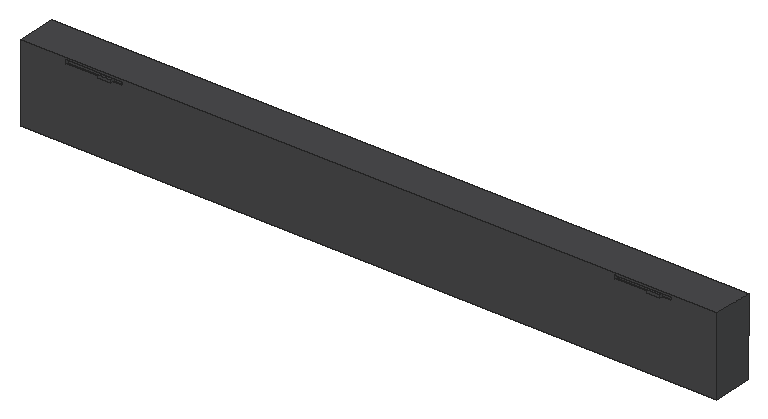
Revit family "DOT BLOCK CEILLING 646_DTSM30W6.1", category Luminarias, Revit 2019
Family settings
  Cota de conector redondo = Diámetro de uso
  Tipo de pieza = Normal
  Se basa en plano de trabajo = Sí
  Siempre vertical = Sí
  Corte con vacíos al cargar = No
  Origen de luz = Sí
  Compartido = No
  Punto de cálculo de habitación = No
Parameters (values of type "DOT BLOCK CEILLING 646_DTSM30W6.1.1535")
  Ángulo de inclinación = 60.00°
  Zone [instance] = ""
  Watt per fixture = 30
  Wattage = 30 W
  built-in parameter 1150107 = 3000 (stored number, unit not read)
  built-in parameter 1150110 = 1 (stored number, unit not read)
  built-in parameter 1150109 = 1 (stored number, unit not read)
  built-in parameter 1150112 = 1 (stored number, unit not read)
  built-in parameter 1150113 = 1 (stored number, unit not read)
  built-in parameter 1114218 = 1 (stored number, unit not read)
  Keynote = ""
  built-in parameter 1150137 = (empty or 0)
  built-in parameter 1150132 = (empty or 0)
  Modelo = "DTSM30W6.1.1535"
  Lámpara = "3030SMD PHILIPS"
  built-in parameter 1150105 = 202.92 (stored number, unit not read)
  built-in parameter 1150102 = (empty or 0)
  built-in parameter 1150106 = 2.0292 (stored number, unit not read)
  Lumens = 2550 lm
  Color Filter = 16777215
  built-in parameter 1114217 = 1 (stored number, unit not read)
  built-in parameter 1150139 = (empty or 0)
  Fabricante = "BRILLANT"
  Default Elevation = 1219.2 mm
  built-in parameter 1150104 = 7.8968 (stored number, unit not read)
  Descripción = "LUMINARIA DOWNLIGHT EN FORMATO RECTANGULAR PARA SOBREPONER DIRECTO EN TECHO, CUERPO DE ALUMINIO ACABADO EN COLOR NEGRO, IP 20, PESO 1.40Kg, TIPO DE LED 3030SMD PHILIPS CON 30W TOTAL, 1400 LUMENES, 85LM/W, IRC 90, TEMPERATURA EN BLANCO CALIDO 3000K, 50 MIL HORAS DE VIDA PROMEDIO, APERTURA ELIPTICA DE 15X35 GRADOS POR PROYECTO, ALIMENTADO A 90-240V"
  built-in parameter 1150115 = 1 (stored number, unit not read)
  built-in parameter 1150114 = 1 (stored number, unit not read)
  Comentarios de vataje = "90-240V"
  built-in parameter 1150138 = (empty or 0)
  built-in parameter 1150134 = (empty or 0)
  Circuit [instance] = ""
  Dimming Lamp Color Temperature Shift = (empty or 0)
  Archivo de red fotométrica = "L646A-30W-830-B-15X35_IESNA95.IES"
  built-in parameter 1150133 = 10 (stored number, unit not read)
Reference planes
  plane 1 "Centro (Frontal/Posterior)": y = 0
  plane 2: z = 0
  plane 3 "Centro (Izquierda/Derecha)": x = 0
Forms (mm)
  Extrusion 1, solid, material "Default Form", not visible
    sketch origin (0, 0, 0) x (1, 0, 0) y (0, 0, 1)
      loop
        line (-473, 0) -> (-473, -72) -> (473, -72) -> (473, 0) -> (-473, 0)
    from -18.326 to 18.326
  Blend 2, void, not visible
    base sketch origin (-293.63, 0, 0) x (1, 0, 0) y (0, 1, 0)
      loop
        line (-162, 16.149) -> (-162, -16.149) -> (-144.14, -16.149) -> (-144.14, 16.149) -> (-162, 16.149)
    top sketch origin (-293.63, 0, 0) x (1, 0, 0) y (0, 1, 0)
      loop
        line (-160, 12.149) -> (-160, -12.149) -> (-146.14, -12.149) -> (-146.14, 12.149) -> (-160, 12.149)
    from -72 to -61.591
  Blend 3, void, not visible
    base sketch origin (-267.33, 0, 0) x (1, 0, 0) y (0, 1, 0)
      loop
        line (-162, 16.149) -> (-162, -16.149) -> (-144.14, -16.149) -> (-144.14, 16.149) -> (-162, 16.149)
    top sketch origin (-267.33, 0, 0) x (1, 0, 0) y (0, 1, 0)
      loop
        line (-160, 12.149) -> (-160, -12.149) -> (-146.14, -12.149) -> (-146.14, 12.149) -> (-160, 12.149)
    from -72 to -61.591
  Blend 4, void, not visible
    base sketch origin (-241.03, 0, 0) x (1, 0, 0) y (0, 1, 0)
      loop
        line (-162, 16.149) -> (-162, -16.149) -> (-144.14, -16.149) -> (-144.14, 16.149) -> (-162, 16.149)
    top sketch origin (-241.03, 0, 0) x (1, 0, 0) y (0, 1, 0)
      loop
        line (-160, 12.149) -> (-160, -12.149) -> (-146.14, -12.149) -> (-146.14, 12.149) -> (-160, 12.149)
    from -72 to -61.591
  Blend 5, void, not visible
    base sketch origin (-214.73, 0, 0) x (1, 0, 0) y (0, 1, 0)
      loop
        line (-162, 16.149) -> (-162, -16.149) -> (-144.14, -16.149) -> (-144.14, 16.149) -> (-162, 16.149)
    top sketch origin (-214.73, 0, 0) x (1, 0, 0) y (0, 1, 0)
      loop
        line (-160, 12.149) -> (-160, -12.149) -> (-146.14, -12.149) -> (-146.14, 12.149) -> (-160, 12.149)
    from -72 to -61.591
  Blend 6, void, not visible
    base sketch origin (-188.43, 0, 0) x (1, 0, 0) y (0, 1, 0)
      loop
        line (-162, 16.149) -> (-162, -16.149) -> (-144.14, -16.149) -> (-144.14, 16.149) -> (-162, 16.149)
    top sketch origin (-188.43, 0, 0) x (1, 0, 0) y (0, 1, 0)
      loop
        line (-160, 12.149) -> (-160, -12.149) -> (-146.14, -12.149) -> (-146.14, 12.149) -> (-160, 12.149)
    from -72 to -61.591
  Blend 7, void, not visible
    base sketch origin (-162.13, 0, 0) x (1, 0, 0) y (0, 1, 0)
      loop
        line (-162, 16.149) -> (-162, -16.149) -> (-144.14, -16.149) -> (-144.14, 16.149) -> (-162, 16.149)
    top sketch origin (-162.13, 0, 0) x (1, 0, 0) y (0, 1, 0)
      loop
        line (-160, 12.149) -> (-160, -12.149) -> (-146.14, -12.149) -> (-146.14, 12.149) -> (-160, 12.149)
    from -72 to -61.591
  Blend 8, void, not visible
    base sketch origin (-135.83, 0, 0) x (1, 0, 0) y (0, 1, 0)
      loop
        line (-162, 16.149) -> (-162, -16.149) -> (-144.14, -16.149) -> (-144.14, 16.149) -> (-162, 16.149)
    top sketch origin (-135.83, 0, 0) x (1, 0, 0) y (0, 1, 0)
      loop
        line (-160, 12.149) -> (-160, -12.149) -> (-146.14, -12.149) -> (-146.14, 12.149) -> (-160, 12.149)
    from -72 to -61.591
  Blend 9, void, not visible
    base sketch origin (-109.53, 0, 0) x (1, 0, 0) y (0, 1, 0)
      loop
        line (-162, 16.149) -> (-162, -16.149) -> (-144.14, -16.149) -> (-144.14, 16.149) -> (-162, 16.149)
    top sketch origin (-109.53, 0, 0) x (1, 0, 0) y (0, 1, 0)
      loop
        line (-160, 12.149) -> (-160, -12.149) -> (-146.14, -12.149) -> (-146.14, 12.149) -> (-160, 12.149)
    from -72 to -61.591
  Blend 10, void, not visible
    base sketch origin (-83.23, 0, 0) x (1, 0, 0) y (0, 1, 0)
      loop
        line (-162, 16.149) -> (-162, -16.149) -> (-144.14, -16.149) -> (-144.14, 16.149) -> (-162, 16.149)
    top sketch origin (-83.23, 0, 0) x (1, 0, 0) y (0, 1, 0)
      loop
        line (-160, 12.149) -> (-160, -12.149) -> (-146.14, -12.149) -> (-146.14, 12.149) -> (-160, 12.149)
    from -72 to -61.591
  Blend 11, void, not visible
    base sketch origin (-56.93, 0, 0) x (1, 0, 0) y (0, 1, 0)
      loop
        line (-162, 16.149) -> (-162, -16.149) -> (-144.14, -16.149) -> (-144.14, 16.149) -> (-162, 16.149)
    top sketch origin (-56.93, 0, 0) x (1, 0, 0) y (0, 1, 0)
      loop
        line (-160, 12.149) -> (-160, -12.149) -> (-146.14, -12.149) -> (-146.14, 12.149) -> (-160, 12.149)
    from -72 to -61.591
  Blend 12, void, not visible
    base sketch origin (-30.63, 0, 0) x (1, 0, 0) y (0, 1, 0)
      loop
        line (-162, 16.149) -> (-162, -16.149) -> (-144.14, -16.149) -> (-144.14, 16.149) -> (-162, 16.149)
    top sketch origin (-30.63, 0, 0) x (1, 0, 0) y (0, 1, 0)
      loop
        line (-160, 12.149) -> (-160, -12.149) -> (-146.14, -12.149) -> (-146.14, 12.149) -> (-160, 12.149)
    from -72 to -61.591
  Blend 13, void, not visible
    base sketch origin (-4.33, 0, 0) x (1, 0, 0) y (0, 1, 0)
      loop
        line (-162, 16.149) -> (-162, -16.149) -> (-144.14, -16.149) -> (-144.14, 16.149) -> (-162, 16.149)
    top sketch origin (-4.33, 0, 0) x (1, 0, 0) y (0, 1, 0)
      loop
        line (-160, 12.149) -> (-160, -12.149) -> (-146.14, -12.149) -> (-146.14, 12.149) -> (-160, 12.149)
    from -72 to -61.591
  Blend 14, void, not visible
    base sketch origin (21.97, 0, 0) x (1, 0, 0) y (0, 1, 0)
      loop
        line (-162, 16.149) -> (-162, -16.149) -> (-144.14, -16.149) -> (-144.14, 16.149) -> (-162, 16.149)
    top sketch origin (21.97, 0, 0) x (1, 0, 0) y (0, 1, 0)
      loop
        line (-160, 12.149) -> (-160, -12.149) -> (-146.14, -12.149) -> (-146.14, 12.149) -> (-160, 12.149)
    from -72 to -61.591
  Blend 15, void, not visible
    base sketch origin (48.27, 0, 0) x (1, 0, 0) y (0, 1, 0)
      loop
        line (-162, 16.149) -> (-162, -16.149) -> (-144.14, -16.149) -> (-144.14, 16.149) -> (-162, 16.149)
    top sketch origin (48.27, 0, 0) x (1, 0, 0) y (0, 1, 0)
      loop
        line (-160, 12.149) -> (-160, -12.149) -> (-146.14, -12.149) -> (-146.14, 12.149) -> (-160, 12.149)
    from -72 to -61.591
  Blend 16, void, not visible
    base sketch origin (74.57, 0, 0) x (1, 0, 0) y (0, 1, 0)
      loop
        line (-162, 16.149) -> (-162, -16.149) -> (-144.14, -16.149) -> (-144.14, 16.149) -> (-162, 16.149)
    top sketch origin (74.57, 0, 0) x (1, 0, 0) y (0, 1, 0)
      loop
        line (-160, 12.149) -> (-160, -12.149) -> (-146.14, -12.149) -> (-146.14, 12.149) -> (-160, 12.149)
    from -72 to -61.591
  Blend 17, void, not visible
    base sketch origin (100.87, 0, 0) x (1, 0, 0) y (0, 1, 0)
      loop
        line (-162, 16.149) -> (-162, -16.149) -> (-144.14, -16.149) -> (-144.14, 16.149) -> (-162, 16.149)
    top sketch origin (100.87, 0, 0) x (1, 0, 0) y (0, 1, 0)
      loop
        line (-160, 12.149) -> (-160, -12.149) -> (-146.14, -12.149) -> (-146.14, 12.149) -> (-160, 12.149)
    from -72 to -61.591
  Blend 18, void, not visible
    base sketch origin (127.17, 0, 0) x (1, 0, 0) y (0, 1, 0)
      loop
        line (-162, 16.149) -> (-162, -16.149) -> (-144.14, -16.149) -> (-144.14, 16.149) -> (-162, 16.149)
    top sketch origin (127.17, 0, 0) x (1, 0, 0) y (0, 1, 0)
      loop
        line (-160, 12.149) -> (-160, -12.149) -> (-146.14, -12.149) -> (-146.14, 12.149) -> (-160, 12.149)
    from -72 to -61.591
  Blend 19, void, not visible
    base sketch origin (153.47, 0, 0) x (1, 0, 0) y (0, 1, 0)
      loop
        line (-162, 16.149) -> (-162, -16.149) -> (-144.14, -16.149) -> (-144.14, 16.149) -> (-162, 16.149)
    top sketch origin (153.47, 0, 0) x (1, 0, 0) y (0, 1, 0)
      loop
        line (-160, 12.149) -> (-160, -12.149) -> (-146.14, -12.149) -> (-146.14, 12.149) -> (-160, 12.149)
    from -72 to -61.591
  Blend 20, void, not visible
    base sketch origin (179.77, 0, 0) x (1, 0, 0) y (0, 1, 0)
      loop
        line (-162, 16.149) -> (-162, -16.149) -> (-144.14, -16.149) -> (-144.14, 16.149) -> (-162, 16.149)
    top sketch origin (179.77, 0, 0) x (1, 0, 0) y (0, 1, 0)
      loop
        line (-160, 12.149) -> (-160, -12.149) -> (-146.14, -12.149) -> (-146.14, 12.149) -> (-160, 12.149)
    from -72 to -61.591
  Blend 21, void, not visible
    base sketch origin (206.07, 0, 0) x (1, 0, 0) y (0, 1, 0)
      loop
        line (-162, 16.149) -> (-162, -16.149) -> (-144.14, -16.149) -> (-144.14, 16.149) -> (-162, 16.149)
    top sketch origin (206.07, 0, 0) x (1, 0, 0) y (0, 1, 0)
      loop
        line (-160, 12.149) -> (-160, -12.149) -> (-146.14, -12.149) -> (-146.14, 12.149) -> (-160, 12.149)
    from -72 to -61.591
  Blend 22, void, not visible
    base sketch origin (232.37, 0, 0) x (1, 0, 0) y (0, 1, 0)
      loop
        line (-162, 16.149) -> (-162, -16.149) -> (-144.14, -16.149) -> (-144.14, 16.149) -> (-162, 16.149)
    top sketch origin (232.37, 0, 0) x (1, 0, 0) y (0, 1, 0)
      loop
        line (-160, 12.149) -> (-160, -12.149) -> (-146.14, -12.149) -> (-146.14, 12.149) -> (-160, 12.149)
    from -72 to -61.591
  Blend 23, void, not visible
    base sketch origin (258.67, 0, 0) x (1, 0, 0) y (0, 1, 0)
      loop
        line (-162, 16.149) -> (-162, -16.149) -> (-144.14, -16.149) -> (-144.14, 16.149) -> (-162, 16.149)
    top sketch origin (258.67, 0, 0) x (1, 0, 0) y (0, 1, 0)
      loop
        line (-160, 12.149) -> (-160, -12.149) -> (-146.14, -12.149) -> (-146.14, 12.149) -> (-160, 12.149)
    from -72 to -61.591
  Blend 24, void, not visible
    base sketch origin (284.97, 0, 0) x (1, 0, 0) y (0, 1, 0)
      loop
        line (-162, 16.149) -> (-162, -16.149) -> (-144.14, -16.149) -> (-144.14, 16.149) -> (-162, 16.149)
    top sketch origin (284.97, 0, 0) x (1, 0, 0) y (0, 1, 0)
      loop
        line (-160, 12.149) -> (-160, -12.149) -> (-146.14, -12.149) -> (-146.14, 12.149) -> (-160, 12.149)
    from -72 to -61.591
  Blend 25, void, not visible
    base sketch origin (311.27, 0, 0) x (1, 0, 0) y (0, 1, 0)
      loop
        line (-162, 16.149) -> (-162, -16.149) -> (-144.14, -16.149) -> (-144.14, 16.149) -> (-162, 16.149)
    top sketch origin (311.27, 0, 0) x (1, 0, 0) y (0, 1, 0)
      loop
        line (-160, 12.149) -> (-160, -12.149) -> (-146.14, -12.149) -> (-146.14, 12.149) -> (-160, 12.149)
    from -72 to -61.591
  Blend 26, void, not visible
    base sketch origin (337.57, 0, 0) x (1, 0, 0) y (0, 1, 0)
      loop
        line (-162, 16.149) -> (-162, -16.149) -> (-144.14, -16.149) -> (-144.14, 16.149) -> (-162, 16.149)
    top sketch origin (337.57, 0, 0) x (1, 0, 0) y (0, 1, 0)
      loop
        line (-160, 12.149) -> (-160, -12.149) -> (-146.14, -12.149) -> (-146.14, 12.149) -> (-160, 12.149)
    from -72 to -61.591
  Blend 27, void, not visible
    base sketch origin (363.87, 0, 0) x (1, 0, 0) y (0, 1, 0)
      loop
        line (-162, 16.149) -> (-162, -16.149) -> (-144.14, -16.149) -> (-144.14, 16.149) -> (-162, 16.149)
    top sketch origin (363.87, 0, 0) x (1, 0, 0) y (0, 1, 0)
      loop
        line (-160, 12.149) -> (-160, -12.149) -> (-146.14, -12.149) -> (-146.14, 12.149) -> (-160, 12.149)
    from -72 to -61.591
  Blend 28, void, not visible
    base sketch origin (390.17, 0, 0) x (1, 0, 0) y (0, 1, 0)
      loop
        line (-162, 16.149) -> (-162, -16.149) -> (-144.14, -16.149) -> (-144.14, 16.149) -> (-162, 16.149)
    top sketch origin (390.17, 0, 0) x (1, 0, 0) y (0, 1, 0)
      loop
        line (-160, 12.149) -> (-160, -12.149) -> (-146.14, -12.149) -> (-146.14, 12.149) -> (-160, 12.149)
    from -72 to -61.591
  Blend 29, void, not visible
    base sketch origin (416.47, 0, 0) x (1, 0, 0) y (0, 1, 0)
      loop
        line (-162, 16.149) -> (-162, -16.149) -> (-144.14, -16.149) -> (-144.14, 16.149) -> (-162, 16.149)
    top sketch origin (416.47, 0, 0) x (1, 0, 0) y (0, 1, 0)
      loop
        line (-160, 12.149) -> (-160, -12.149) -> (-146.14, -12.149) -> (-146.14, 12.149) -> (-160, 12.149)
    from -72 to -61.591
  Blend 30, void, not visible
    base sketch origin (442.77, 0, 0) x (1, 0, 0) y (0, 1, 0)
      loop
        line (-162, 16.149) -> (-162, -16.149) -> (-144.14, -16.149) -> (-144.14, 16.149) -> (-162, 16.149)
    top sketch origin (442.77, 0, 0) x (1, 0, 0) y (0, 1, 0)
      loop
        line (-160, 12.149) -> (-160, -12.149) -> (-146.14, -12.149) -> (-146.14, 12.149) -> (-160, 12.149)
    from -72 to -61.591
  Blend 31, void, not visible
    base sketch origin (469.07, 0, 0) x (1, 0, 0) y (0, 1, 0)
      loop
        line (-162, 16.149) -> (-162, -16.149) -> (-144.14, -16.149) -> (-144.14, 16.149) -> (-162, 16.149)
    top sketch origin (469.07, 0, 0) x (1, 0, 0) y (0, 1, 0)
      loop
        line (-160, 12.149) -> (-160, -12.149) -> (-146.14, -12.149) -> (-146.14, 12.149) -> (-160, 12.149)
    from -72 to -61.591
  Blend 32, void, not visible
    base sketch origin (495.37, 0, 0) x (1, 0, 0) y (0, 1, 0)
      loop
        line (-162, 16.149) -> (-162, -16.149) -> (-144.14, -16.149) -> (-144.14, 16.149) -> (-162, 16.149)
    top sketch origin (495.37, 0, 0) x (1, 0, 0) y (0, 1, 0)
      loop
        line (-160, 12.149) -> (-160, -12.149) -> (-146.14, -12.149) -> (-146.14, 12.149) -> (-160, 12.149)
    from -72 to -61.591
  Blend 33, void, not visible
    base sketch origin (521.67, 0, 0) x (1, 0, 0) y (0, 1, 0)
      loop
        line (-162, 16.149) -> (-162, -16.149) -> (-144.14, -16.149) -> (-144.14, 16.149) -> (-162, 16.149)
    top sketch origin (521.67, 0, 0) x (1, 0, 0) y (0, 1, 0)
      loop
        line (-160, 12.149) -> (-160, -12.149) -> (-146.14, -12.149) -> (-146.14, 12.149) -> (-160, 12.149)
    from -72 to -61.591
  Blend 34, void, not visible
    base sketch origin (547.97, 0, 0) x (1, 0, 0) y (0, 1, 0)
      loop
        line (-162, 16.149) -> (-162, -16.149) -> (-144.14, -16.149) -> (-144.14, 16.149) -> (-162, 16.149)
    top sketch origin (547.97, 0, 0) x (1, 0, 0) y (0, 1, 0)
      loop
        line (-160, 12.149) -> (-160, -12.149) -> (-146.14, -12.149) -> (-146.14, 12.149) -> (-160, 12.149)
    from -72 to -61.591
  Blend 35, void, not visible
    base sketch origin (574.27, 0, 0) x (1, 0, 0) y (0, 1, 0)
      loop
        line (-162, 16.149) -> (-162, -16.149) -> (-144.14, -16.149) -> (-144.14, 16.149) -> (-162, 16.149)
    top sketch origin (574.27, 0, 0) x (1, 0, 0) y (0, 1, 0)
      loop
        line (-160, 12.149) -> (-160, -12.149) -> (-146.14, -12.149) -> (-146.14, 12.149) -> (-160, 12.149)
    from -72 to -61.591
  Blend 36, void, not visible
    base sketch origin (600.57, 0, 0) x (1, 0, 0) y (0, 1, 0)
      loop
        line (-162, 16.149) -> (-162, -16.149) -> (-144.14, -16.149) -> (-144.14, 16.149) -> (-162, 16.149)
    top sketch origin (600.57, 0, 0) x (1, 0, 0) y (0, 1, 0)
      loop
        line (-160, 12.149) -> (-160, -12.149) -> (-146.14, -12.149) -> (-146.14, 12.149) -> (-160, 12.149)
    from -72 to -61.591
  Extrusion 37, solid, not visible
    sketch origin (-463.861, 0, 3.217) x (0, -1, 0) y (0, 0, -1)
      loop
        line (18.326, 3.217) -> (-18.326, 3.217) -> (-18.326, 73.917) -> (-32.183, 73.917) -> (-32.183, 72.617) -> (-19.626, 72.617) -> (-19.626, 1.917) -> (19.626, 1.917) -> (19.626, 72.617) -> (32.183, 72.617) -> (32.183, 73.917) -> (18.326, 73.917) -> (18.326, 3.217)
    from 89.098 to 128.24
  Extrusion 38, solid, not visible
    sketch origin (-246.523, 0, 3.217) x (0, -1, 0) y (0, 0, 1)
      loop
        line (-19.626, -1.917) -> (19.626, -1.917) -> (19.626, -63.89) -> (20.426, -63.89) -> (20.426, -1.117) -> (-20.426, -1.117) -> (-20.426, -63.89) -> (-19.626, -63.89) -> (-19.626, -1.917)
    from 122.954 to 124.098
  Extrusion 39, solid, not visible
    sketch origin (-463.861, 0, 3.217) x (0, -1, 0) y (0, 0, -1)
      loop
        line (-19.626, 1.917) -> (-19.626, 63.89) -> (-20.426, 63.89) -> (-20.426, 1.117) -> (20.426, 1.117) -> (20.426, 63.89) -> (19.626, 63.89) -> (19.626, 1.917) -> (-19.626, 1.917)
    from 122.954 to 124.098
  Extrusion 40, void, not visible
    sketch origin (0, 0, 0) x (1, 0, 0) y (0, 1, 0)
      loop
        circle (-363.799, -25.904) r 2.055
      loop
        circle (-346.585, -25.904) r 2.055
      loop
        circle (-363.799, 25.904) r 2.055
      loop
        circle (-346.585, 25.904) r 2.055
    from -70.7 to -69.4
  Blend 41, void
    base sketch origin (74.57, 130.851, 72) x (1, 0, 0) y (0, 1, 0)
      loop
        line (-162, -147) -> (-144.14, -147) -> (-144.14, -114.702) -> (-162, -114.702) -> (-162, -147)
    top sketch origin (74.57, 130.851, 72) x (1, 0, 0) y (0, 1, 0)
      loop
        line (-160, -143) -> (-146.14, -143) -> (-146.14, -118.702) -> (-160, -118.702) -> (-160, -143)
    from -72 to -61.591
  Blend 42, void
    base sketch origin (100.87, 130.851, 72) x (1, 0, 0) y (0, 1, 0)
      loop
        line (-162, -147) -> (-144.14, -147) -> (-144.14, -114.702) -> (-162, -114.702) -> (-162, -147)
    top sketch origin (100.87, 130.851, 72) x (1, 0, 0) y (0, 1, 0)
      loop
        line (-160, -143) -> (-146.14, -143) -> (-146.14, -118.702) -> (-160, -118.702) -> (-160, -143)
    from -72 to -61.591
  Blend 43, void
    base sketch origin (127.17, 130.851, 72) x (1, 0, 0) y (0, 1, 0)
      loop
        line (-162, -147) -> (-144.14, -147) -> (-144.14, -114.702) -> (-162, -114.702) -> (-162, -147)
    top sketch origin (127.17, 130.851, 72) x (1, 0, 0) y (0, 1, 0)
      loop
        line (-160, -143) -> (-146.14, -143) -> (-146.14, -118.702) -> (-160, -118.702) -> (-160, -143)
    from -72 to -61.591
  Blend 44, void
    base sketch origin (153.47, 130.851, 72) x (1, 0, 0) y (0, 1, 0)
      loop
        line (-162, -147) -> (-144.14, -147) -> (-144.14, -114.702) -> (-162, -114.702) -> (-162, -147)
    top sketch origin (153.47, 130.851, 72) x (1, 0, 0) y (0, 1, 0)
      loop
        line (-160, -143) -> (-146.14, -143) -> (-146.14, -118.702) -> (-160, -118.702) -> (-160, -143)
    from -72 to -61.591
  Blend 45, void
    base sketch origin (179.77, 130.851, 72) x (1, 0, 0) y (0, 1, 0)
      loop
        line (-162, -147) -> (-144.14, -147) -> (-144.14, -114.702) -> (-162, -114.702) -> (-162, -147)
    top sketch origin (179.77, 130.851, 72) x (1, 0, 0) y (0, 1, 0)
      loop
        line (-160, -143) -> (-146.14, -143) -> (-146.14, -118.702) -> (-160, -118.702) -> (-160, -143)
    from -72 to -61.591
  Blend 46, void
    base sketch origin (206.07, 130.851, 72) x (1, 0, 0) y (0, 1, 0)
      loop
        line (-162, -147) -> (-144.14, -147) -> (-144.14, -114.702) -> (-162, -114.702) -> (-162, -147)
    top sketch origin (206.07, 130.851, 72) x (1, 0, 0) y (0, 1, 0)
      loop
        line (-160, -143) -> (-146.14, -143) -> (-146.14, -118.702) -> (-160, -118.702) -> (-160, -143)
    from -72 to -61.591
  Blend 47, void
    base sketch origin (232.37, 130.851, 72) x (1, 0, 0) y (0, 1, 0)
      loop
        line (-162, -147) -> (-144.14, -147) -> (-144.14, -114.702) -> (-162, -114.702) -> (-162, -147)
    top sketch origin (232.37, 130.851, 72) x (1, 0, 0) y (0, 1, 0)
      loop
        line (-160, -143) -> (-146.14, -143) -> (-146.14, -118.702) -> (-160, -118.702) -> (-160, -143)
    from -72 to -61.591
  Extrusion 48, solid, material "Default Form"
    sketch origin (0, 0, 72) x (1, 0, 0) y (0, 0, -1)
      loop
        line (-323, 0) -> (323, 0) -> (323, 72) -> (-323, 72) -> (-323, 0)
    from -18.326 to 18.326
  Blend 49, void
    base sketch origin (258.67, 130.851, 72) x (1, 0, 0) y (0, 1, 0)
      loop
        line (-162, -147) -> (-144.14, -147) -> (-144.14, -114.702) -> (-162, -114.702) -> (-162, -147)
    top sketch origin (258.67, 130.851, 72) x (1, 0, 0) y (0, 1, 0)
      loop
        line (-160, -143) -> (-146.14, -143) -> (-146.14, -118.702) -> (-160, -118.702) -> (-160, -143)
    from -72 to -61.591
  Blend 50, void
    base sketch origin (284.97, 130.851, 72) x (1, 0, 0) y (0, 1, 0)
      loop
        line (-162, -147) -> (-144.14, -147) -> (-144.14, -114.702) -> (-162, -114.702) -> (-162, -147)
    top sketch origin (284.97, 130.851, 72) x (1, 0, 0) y (0, 1, 0)
      loop
        line (-160, -143) -> (-146.14, -143) -> (-146.14, -118.702) -> (-160, -118.702) -> (-160, -143)
    from -72 to -61.591
  Blend 51, void
    base sketch origin (21.97, 130.851, 72) x (1, 0, 0) y (0, 1, 0)
      loop
        line (-162, -147) -> (-144.14, -147) -> (-144.14, -114.702) -> (-162, -114.702) -> (-162, -147)
    top sketch origin (21.97, 130.851, 72) x (1, 0, 0) y (0, 1, 0)
      loop
        line (-160, -143) -> (-146.14, -143) -> (-146.14, -118.702) -> (-160, -118.702) -> (-160, -143)
    from -72 to -61.591
  Blend 52, void
    base sketch origin (48.27, 130.851, 72) x (1, 0, 0) y (0, 1, 0)
      loop
        line (-162, -147) -> (-144.14, -147) -> (-144.14, -114.702) -> (-162, -114.702) -> (-162, -147)
    top sketch origin (48.27, 130.851, 72) x (1, 0, 0) y (0, 1, 0)
      loop
        line (-160, -143) -> (-146.14, -143) -> (-146.14, -118.702) -> (-160, -118.702) -> (-160, -143)
    from -72 to -61.591
  Extrusion 53, void
    sketch origin (-158.75, 0, 0) x (1, 0, 0) y (0, 1, 0)
      loop
        line (-122.17, -18.326) -> (-69.57, -18.326) -> (-69.57, -16.149) -> (-122.17, -16.149) -> (-122.17, -18.326)
      loop
        line (-122.17, 18.326) -> (-122.17, 16.149) -> (-69.57, 16.149) -> (-69.57, 18.326) -> (-122.17, 18.326)
    from 66.852 to 70.535
  Extrusion 54, solid, material "Default Form"
    sketch origin (125, 0, 0) x (1, 0, 0) y (0, 1, 0)
      loop
        line (146.935, -16.149) -> (145.601, -16.149) -> (145.601, -18.326) -> (135.101, -18.326) -> (135.101, -20.238) -> (146.935, -20.238) -> (146.935, -16.149)
      loop
        line (146.935, 16.149) -> (146.935, 20.238) -> (135.101, 20.238) -> (135.101, 18.326) -> (145.601, 18.326) -> (145.601, 16.149) -> (146.935, 16.149)
      loop
        line (-362.305, -16.149) -> (-363.639, -16.149) -> (-363.639, -18.326) -> (-374.139, -18.326) -> (-374.139, -20.238) -> (-362.305, -20.238) -> (-362.305, -16.149)
      loop
        line (-362.305, 16.149) -> (-362.305, 20.238) -> (-374.139, 20.238) -> (-374.139, 18.326) -> (-363.639, 18.326) -> (-363.639, 16.149) -> (-362.305, 16.149)
    from 67.466 to 69.773
  Extrusion 55, void
    sketch origin (158.75, 0, 0) x (-1, 0, 0) y (0, -1, 0)
      loop
        line (-122.17, 18.326) -> (-122.17, 16.149) -> (-69.57, 16.149) -> (-69.57, 18.326) -> (-122.17, 18.326)
      loop
        line (-122.17, -18.326) -> (-69.57, -18.326) -> (-69.57, -16.149) -> (-122.17, -16.149) -> (-122.17, -18.326)
    from 66.852 to 70.535
  Blend 56, void
    base sketch origin (311.27, 130.851, 72) x (1, 0, 0) y (0, 1, 0)
      loop
        line (-162, -147) -> (-144.14, -147) -> (-144.14, -114.702) -> (-162, -114.702) -> (-162, -147)
    top sketch origin (311.27, 130.851, 72) x (1, 0, 0) y (0, 1, 0)
      loop
        line (-160, -143) -> (-146.14, -143) -> (-146.14, -118.702) -> (-160, -118.702) -> (-160, -143)
    from -72 to -61.591
  Blend 57, void
    base sketch origin (337.57, 130.851, 72) x (1, 0, 0) y (0, 1, 0)
      loop
        line (-162, -147) -> (-144.14, -147) -> (-144.14, -114.702) -> (-162, -114.702) -> (-162, -147)
    top sketch origin (337.57, 130.851, 72) x (1, 0, 0) y (0, 1, 0)
      loop
        line (-160, -143) -> (-146.14, -143) -> (-146.14, -118.702) -> (-160, -118.702) -> (-160, -143)
    from -72 to -61.591
  Blend 58, void
    base sketch origin (363.87, 130.851, 72) x (1, 0, 0) y (0, 1, 0)
      loop
        line (-162, -147) -> (-144.14, -147) -> (-144.14, -114.702) -> (-162, -114.702) -> (-162, -147)
    top sketch origin (363.87, 130.851, 72) x (1, 0, 0) y (0, 1, 0)
      loop
        line (-160, -143) -> (-146.14, -143) -> (-146.14, -118.702) -> (-160, -118.702) -> (-160, -143)
    from -72 to -61.591
  Blend 59, void
    base sketch origin (390.17, 130.851, 72) x (1, 0, 0) y (0, 1, 0)
      loop
        line (-162, -147) -> (-144.14, -147) -> (-144.14, -114.702) -> (-162, -114.702) -> (-162, -147)
    top sketch origin (390.17, 130.851, 72) x (1, 0, 0) y (0, 1, 0)
      loop
        line (-160, -143) -> (-146.14, -143) -> (-146.14, -118.702) -> (-160, -118.702) -> (-160, -143)
    from -72 to -61.591
  Blend 60, void
    base sketch origin (-30.63, 130.851, 72) x (1, 0, 0) y (0, 1, 0)
      loop
        line (-162, -147) -> (-144.14, -147) -> (-144.14, -114.702) -> (-162, -114.702) -> (-162, -147)
    top sketch origin (-30.63, 130.851, 72) x (1, 0, 0) y (0, 1, 0)
      loop
        line (-160, -143) -> (-146.14, -143) -> (-146.14, -118.702) -> (-160, -118.702) -> (-160, -143)
    from -72 to -61.591
  Blend 61, void
    base sketch origin (-4.33, 130.851, 72) x (1, 0, 0) y (0, 1, 0)
      loop
        line (-162, -147) -> (-144.14, -147) -> (-144.14, -114.702) -> (-162, -114.702) -> (-162, -147)
    top sketch origin (-4.33, 130.851, 72) x (1, 0, 0) y (0, 1, 0)
      loop
        line (-160, -143) -> (-146.14, -143) -> (-146.14, -118.702) -> (-160, -118.702) -> (-160, -143)
    from -72 to -61.591
  Blend 62, void
    base sketch origin (-83.23, 130.851, 72) x (1, 0, 0) y (0, 1, 0)
      loop
        line (-162, -147) -> (-144.14, -147) -> (-144.14, -114.702) -> (-162, -114.702) -> (-162, -147)
    top sketch origin (-83.23, 130.851, 72) x (1, 0, 0) y (0, 1, 0)
      loop
        line (-160, -143) -> (-146.14, -143) -> (-146.14, -118.702) -> (-160, -118.702) -> (-160, -143)
    from -72 to -61.591
  Blend 63, void
    base sketch origin (-56.93, 130.851, 72) x (1, 0, 0) y (0, 1, 0)
      loop
        line (-162, -147) -> (-144.14, -147) -> (-144.14, -114.702) -> (-162, -114.702) -> (-162, -147)
    top sketch origin (-56.93, 130.851, 72) x (1, 0, 0) y (0, 1, 0)
      loop
        line (-160, -143) -> (-146.14, -143) -> (-146.14, -118.702) -> (-160, -118.702) -> (-160, -143)
    from -72 to -61.591
Cuts and joins
  Blend 41, Blend 42, Blend 43, Blend 44, Blend 45, Blend 46, Blend 47, Blend 49, Blend 50, Blend 51, Blend 52, Extrusion 53, Extrusion 55, Blend 56, Blend 57, Blend 58, Blend 59, Blend 60, Blend 61, Blend 62, Blend 63 cuts Extrusion 48
  Extrusion 55 cuts Extrusion 54
Dimensions and locks
  cut or joined group 1 (Blend 41, Blend 42, Blend 43, Blend 44, Blend 45, Blend 46, Blend 47, Extrusion 48, Blend 49, Blend 50, Blend 51, Blend 52, Extrusion 53, Extrusion 55, Blend 56, Blend 57, Blend 58, Blend 59, Blend 60, Blend 61, Blend 62, Blend 63) to cut or joined group 1 = 72 mm  (x2)
  cut or joined group 1 to cut or joined group 1 = 36.651 mm
  cut or joined group 1 to cut or joined group 1 = 646 mm
  cut or joined group 1 to cut or joined group 1 = 42.08 mm  (x2)
  aligned and locked: level to plane 2
Connectors
  electrical at (0, 0, 72)
    settings: on cut or joined group 1, index 1, voltage 0 V, apparent load 0 VA, apparent load phase1 0 VA, apparent load phase2 0 VA, apparent load phase3 0 VA, power factor 1, load classification "Otro", number of poles 1, system type 31, power factor state 1, is connector primary yes, connector utility no, sub classification motor no, connector description ""
